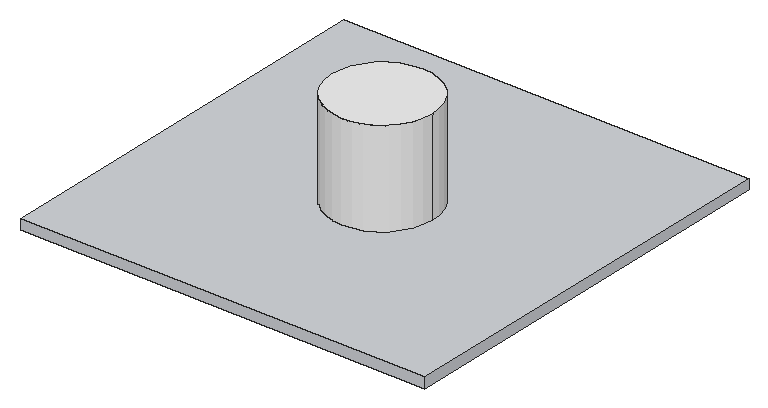
Revit family "4966000", category Aparatos sanitarios, Revit 2017
Family settings
  Anfitrión = Cara
  Cota de conector redondo = Diámetro de uso
  Tipo de pieza = Normal
  Número OmniClass = 23.45.55.14
  Título OmniClass = Single Faucets
  Corte con vacíos al cargar = No
  Compartido = No
  Punto de cálculo de habitación = No
Parameters (values of type "4966000")
  URL = "http://www.griferiasgalindo.com"
  Teléfono = "(+34) 915 782 575"
  TIPO DE AGUA = "Fria/Caliente"
  REFERENCIA = "4966000"
  Presión Máxima = "8 bar"
  PESO BRUTO = ""
  Modelo = "GRIFO DE BIDET con desagüe"
  Material = LATON CROMADO
  Imagen de tipo = <Ninguno>
  Fabricante = "PRESTO IBÉRICA"
  Default Elevation = 1219.2 mm
  ENTRADA = "Latiguillos de 3/8\""
  Descripción = "Monomando bidet"
  Código de montaje = "C1030220"
  Contacto = "info@prestoiberica.com"
  Conexión AF = yes
  Conexión AC = yes
  Comentarios de tipo = "Cartucho sellado con discos cerámicos de Ø 25 mm.  Con aireador oculto. Suministrado con latiguillos flexibles de 3/8\" y longitud de 45 mm."
  CIERRE = "Manual"
  CAUDAL = ""
  Accionamiento = "Mediante maneta"
Reference planes
  plane 1 "Centro (Frontal/Posterior)": y = 0
  plane 2: z = 0
  plane 3 "Centro (Izquierda/Derecha)": x = 0
  plane 4 "cuerpo": z = 49.135
Forms (mm)
  Extrusion 1, solid
    sketch origin (0, 0, 0) x (1, 0, 0) y (0, 1, 0)
      loop
        line (-100, 100) -> (-100, -100) -> (100, -100) -> (100, 100) -> (-100, 100)
    from 0 to -5
  Extrusion 2, solid, material "LATON CROMADO"
    sketch origin (0, -1.25, 49.135) x (0, -1, 0) y (1, 0, 0)
      loop
        circle (0, 0) r 25
    from -49.135 to -2.088
Dimensions and locks
  Extrusion 1 sketch curve to plane 1 "Centro (Frontal/Posterior)" = 100 mm
  aligned and locked: plane 2 to Extrusion 1
  aligned and locked: level to Extrusion 1
Connectors
  piping at (0, 10.431, -0.154), diameter 9.5
    settings: on import instance, index 1, connector inside diameter 609.6 mm, connector length 0 mm, flow factor 0, pipe flow 0.0 L/s, pressure drop 0.0 Pa, fitting loss kfactor 0, connector angle 0.00°, fixture units 0, engagement length 0 mm, angle of deflection 0.00°, flow configuration 0, flow direction 0, fitting loss method 0, system type 7, joint type 0, gender type 0, connector reference index -1, connector utility 0, adjustable connector no, is connector primary yes, connector description ""
